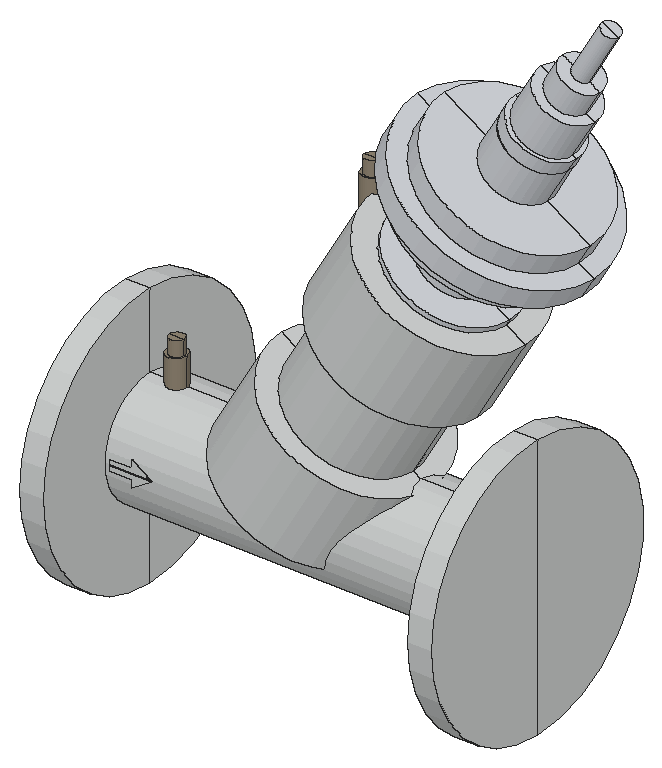
Revit family "PipeAccessories_Valve_Oventrop_Cocon-QFC_DN65-200", category Pipe Accessories, Revit 2014
Parameters (values of type "QFC")
  kv_MaxValueAt_100 kPa [instance] = size_lookup(Lookup Table Name, "Flow", 0, NominalDiameter) * 1.0 L/s  # 36.0 L/s
  URL = "http://oventrop.de/ArticleOverview.aspx?o=65"
  Type Comments = "Flow Flange Cast Iron, 2 Pressure Test points"  # constant formula
  SpindleMidHeight [instance] = 103 mm
  SpindleBottomRadius [instance] = size_lookup(Lookup Table Name, "SR", NominalDiameter, NominalDiameter)  # 47 mm
  SpindleBottomHeight [instance] = size_lookup(Lookup Table Name, "H2", NominalDiameter, NominalDiameter)  # 181 mm
  ProductCode [instance] = if(NominalDiameter = 65 mm, "114 61 51", if(NominalDiameter = 80 mm, "114 61 52", if(NominalDiameter = 100 mm, "114 61 53", if(NominalDiameter = 125 mm, "114 61 54", if(NominalDiameter = 150 mm, "114 61 55", if(NominalDiameter = 200 mm, "114 61 56", "ProductCode NA"))))))  # "114 61 51"
  PressureLoss [instance] = 0.0 Pa
  PlugOffset [instance] = (SpindleBottomHeight * sin(30.65°) - SpindleBottomRadius) - 17 mm  # 28.272 mm
  PlugMaterial = Oventrop_Bronze
  NominalDiameter [instance] = 65 mm
  ModifiedIssue_ANZRS = 20141127.54  # constant formula
  Model = "Cocon Q"  # constant formula
  Min.Flow [instance] = size_lookup(Lookup Table Name, "MinFlow", 0, NominalDiameter) * 1.0 L/s  # 1.389 L/s
  Max.Pressure = "PN 16"  # constant formula
  Max.Flow [instance] = size_lookup(Lookup Table Name, "MaxFlow", 0, NominalDiameter) * 1.0 L/s  # 5.5556 L/s
  Manufacturer = "Oventrop"  # constant formula
  Lookup Table Name = "PipeAccessories_Valve_Oventrop_Cocon-QFC_DN65-200"
  Length [instance] = size_lookup(Lookup Table Name, "L", NominalDiameter, NominalDiameter)  # 290 mm
  Height [instance] = size_lookup(Lookup Table Name, "H1", NominalDiameter, NominalDiameter)  # 370 mm
  HandleMaterial = Oventrop_PTFE
  Flow [instance] = 0.0 L/s
  FlangeThickness [instance] = size_lookup(Lookup Table Name, "FT", NominalDiameter, NominalDiameter)  # 17 mm
  FlangeDiameter [instance] = size_lookup(Lookup Table Name, "FD", NominalDiameter, NominalDiameter)  # 186 mm
  Description = "Pressure independent control valve (PICV). Both ports flanged to DIN EN 1092-2"  # constant formula
  CreatedBy_ANZRS = "A2K Technologies"  # constant formula
  CreatedByURL_ANZRS = "http://www.thinkbimmepaus.com.au"
  ConnectorDescription = "TBC"  # constant formula
  BodyMaterial = Oventrop_NodularCastIron
  BodyDiameter [instance] = size_lookup(Lookup Table Name, "BD", NominalDiameter, NominalDiameter)  # 80 mm
Reference planes
  plane 1 "Center (Front/Back)": y = 0
  plane 2: z = 0
  plane 3 "Center (Left/Right)": x = 0
  plane 4: y = 0
  plane 5: x = -145
  plane 6: x = 145
  plane 7: x = -128
  plane 8: x = 128
  plane 9: z = 93
  plane 10: z = 40
  plane 11: z = -93
  plane 12: z = -40
  plane 13: through (-20.051, -1524, 4.133) normal (-0.8603, 0, 0.5098)
  plane 14: y = 40
  plane 15: y = -40
  plane 16: x = -109
  plane 17: z = 181
  plane 18: x = 28.272
  plane 19: z = 370
  plane 20: z = 284
Forms (mm)
  Revolve 1, solid, material "Oventrop_NodularCastIron" <- "BodyMaterial", detail levels fine
    sketch origin (0, 0, 0) x (-1, 0, 0) y (0, 0, -1)
      loop
        line (145, -93) -> (145, 0) -> (-145, 0) -> (-145, -93) -> (-128, -93) -> (-128, -40) -> (128, -40) -> (128, -93) -> (145, -93)
      axis (145, 0) -> (-145, 0)
    angle from 0 to 360
  Revolve 2, solid, material "Oventrop_NodularCastIron" <- "BodyMaterial", detail levels fine
    sketch origin (0, 0, 0) x (-1, 0, 0) y (0, 0, 1)
      loop
        line (-32.42, 212.019) -> (-84.762, 181) -> (16.652, 9.868) -> (68.995, 40.887) -> (35.19, 97.931) -> (23.281, 90.873) -> (-10.524, 147.917) -> (1.385, 154.975) -> (-32.42, 212.019)
      axis (-84.762, 181) -> (16.652, 9.868)
    angle from 0 to 360
  Extrusion 3, solid, material "Oventrop_NodularCastIron" <- "BodyMaterial", detail levels fine
    sketch origin (-97.197, -28, 0) x (1, 0, 0) y (0, 0, 1)
      loop
        line (-26.803, 3.6) -> (-26.803, -3.6) -> (-11.803, -3.6) -> (-11.803, -8.6) -> (2.709, 0) -> (-11.803, 8.6) -> (-11.803, 3.6) -> (-26.803, 3.6)
    from -68 to 12
  Revolve 4, solid, material "Oventrop_Bronze" <- "PlugMaterial", detail levels fine
    sketch origin (0, 0, 0) x (1, 0, 0) y (0, 0, 1)
      loop
        line (-109, 0) -> (-109, 69) -> (-114.004, 69) -> (-114.004, 59) -> (-116, 59) -> (-116, 0) -> (-109, 0)
      axis (-109, 69) -> (-109, 0)
    angle from 0 to 360
  Revolve 5, solid, material "Oventrop_Bronze" <- "PlugMaterial", detail levels fine
    sketch origin (0, 0, 0) x (1, 0, 0) y (0, 0, 1)
      loop
        line (28.272, 231) -> (23.272, 231) -> (23.272, 221) -> (21.272, 221) -> (21.272, 192.5)
        arc (21.272, 192.5) -> (23.323, 187.55) -> (28.272, 185.5) r 7
        line (28.272, 185.5) -> (28.272, 231)
      axis (28.272, 185.5) -> (28.272, 231)
    angle from 0 to 360
  Revolve 6, solid, detail levels fine
    sketch origin (0, 0, 0) x (1, 0, 0) y (0, 0, 1)
      loop
        line (84.762, 181) -> (123.36, 158.127) -> (125.478, 161.7) -> (108.272, 171.897) -> (128.202, 205.528) -> (158.227, 187.734) -> (166.349, 201.44) -> (176.999, 195.129) -> (185.121, 208.835) -> (174.472, 215.147) -> (182.594, 228.853) -> (152.569, 246.646) -> (167.193, 271.323) -> (145.801, 284) -> (84.762, 181)
      axis (84.762, 181) -> (145.801, 284)
    angle from 0 to 360
  Revolve 7, solid, detail levels fine
    sketch origin (0, 0, 0) x (1, 0, 0) y (0, 0, 1)
      loop
        line (145.801, 284) -> (167.308, 271.255) -> (172.551, 280.102) -> (169.97, 281.631) -> (185.248, 307.412) -> (179.226, 310.98) -> (188.919, 327.338) -> (181.607, 331.671) -> (202.357, 366.686) -> (196.765, 370) -> (145.801, 284)
      axis (145.801, 284) -> (196.765, 370)
    angle from 0 to 360
Lines and regions (mm)
  reference lines
    curve 1: line (0, 0, 0) -> (-129.043, 0, 76.472)
    curve 2: line (84.762, 0, 181) -> (-44.281, 0, 257.472)
    curve 3: line (145.801, 0, 284) -> (16.758, 0, 360.472)
  model lines, detail levels coarse+medium
    curve 4: line (-145, 40, 0) -> (-145, -40, 0)
    curve 5: line (145, 40, 0) -> (145, -40, 0)
    curve 6: line (145, 40, 0) -> (-145, -40, 0)
    curve 7: line (-145, 40, 0) -> (145, -40, 0)
Dimensions and locks
  equal spacing: plane 9, plane 2, plane 11
  equal spacing: plane 10, plane 2, plane 12
  "BodyDiameter": plane 10 to plane 12
  "FlangeThickness": plane 8 to plane 6
  "FlangeThickness": plane 7 to plane 5
  "Length": plane 6 to plane 5
  Extrusion 3 sketch curve to Extrusion 3 sketch curve = 7.2 mm
  equal spacing: plane 15, plane 1 "Center (Front/Back)", plane 14
  "BodyDiameter": plane 15 to plane 14
  "FlangeDiameter": plane 9 to plane 11
  locked: Revolve 2 sketch curve to Revolve 2 sketch curve at 13.843
  "SpindleBottomRadius": Revolve 2 sketch curve to plane 13
  equal spacing: plane 6, plane 3 "Center (Left/Right)", plane 5
  locked: Revolve 4 sketch curve to plane 10 at 29
  locked: plane 16 to Revolve 4 sketch curve at 7
  locked: Revolve 5 sketch curve to Revolve 5 sketch curve at 2
  locked: Revolve 5 sketch curve to Revolve 5 sketch curve at 10
  "SpindleBottomHeight": plane 17 to plane 2
  locked: Revolve 5 sketch curve to plane 17 at 50
  locked: Extrusion 3 sketch curve to plane 16 at 14.512
  plane 16 to plane 7 = 19 mm
  locked: Revolve 4 sketch curve to Revolve 4 sketch curve at 10
  locked: Revolve 4 sketch curve to Revolve 4 sketch curve at 1.996
  locked: Extrusion 3 sketch curve to Extrusion 3 sketch curve at 15
  "Height": plane 19 to plane 2
  "SpindleMidHeight": plane 20 to plane 17
  equal spacing: Revolve 2 sketch curve, Revolve 2 sketch curve, Revolve 2 sketch curve, Revolve 2 sketch curve
  locked: Revolve 6 sketch curve to Revolve 6 sketch curve at 4.154
  Revolve 6 sketch curve to Revolve 6 sketch curve = 12.379 mm
  locked: plane 13 to Revolve 6 sketch curve at 24.866
  locked: plane 13 to Revolve 6 sketch curve at 72.147
  locked: Revolve 6 sketch curve to Revolve 6 sketch curve at 28.685
  equal spacing: Revolve 6 sketch curve, Revolve 6 sketch curve, Revolve 6 sketch curve, Revolve 6 sketch curve, locked at 15.932 each
  locked: Revolve 6 sketch curve to Revolve 6 sketch curve at 76.481
  locked: Revolve 7 sketch curve to Revolve 7 sketch curve at 40.702
  locked: Revolve 7 sketch curve to Revolve 7 sketch curve at 59.715
  locked: Revolve 7 sketch curve to Revolve 7 sketch curve at 10.284
  locked: Revolve 7 sketch curve to plane 13 at 25
  locked: Revolve 7 sketch curve to Revolve 7 sketch curve at 10
  locked: Revolve 7 sketch curve to Revolve 7 sketch curve at 18.5
  locked: Revolve 7 sketch curve to Revolve 7 sketch curve at 3
  locked: Revolve 6 sketch curve to plane 13 at 44.866
  "PlugOffset": plane 18 to plane 3 "Center (Left/Right)"
  equal spacing: curve 4, plane 1 "Center (Front/Back)", curve 4
  "BodyDiameter": curve 4 to curve 4
  equal spacing: curve 5, plane 4, curve 5
  "BodyDiameter": curve 5 to curve 5
  locked: plane 13 to Revolve 6 sketch curve (angle 90.00°)
  locked: Revolve 7 sketch curve to plane 13 (angle 90.00°)  (x2)
  locked: plane 13 to curve 1 (angle 90.00°)
  locked: plane 13 to curve 2 (angle 90.00°)
  locked: plane 13 to curve 3 (angle 90.00°)
  aligned and locked: level to plane 2
  aligned and locked: plane 6 to Revolve 1 sketch curve
  aligned and locked: Revolve 1 sketch curve to plane 8
  aligned and locked: Revolve 1 sketch curve to plane 7
  aligned and locked: plane 5 to Revolve 1 sketch curve
  aligned and locked: Revolve 1 sketch curve to plane 9  (x2)
  aligned and locked: Revolve 1 sketch curve to plane 10
  aligned and locked: plane 13 to Revolve 2 sketch curve
  aligned and locked: Revolve 2 sketch curve to plane 13
  aligned and locked: Revolve 2 sketch curve to curve 1
  aligned and locked: plane 14 to Extrusion 3
  aligned and locked: plane 15 to Extrusion 3
  aligned and locked: Revolve 4 sketch curve to plane 16
  aligned and locked: plane 18 to Revolve 5 sketch curve
  aligned and locked: Revolve 5 sketch curve to plane 18
  aligned and locked: plane 17 to Revolve 2 sketch curve
  aligned and locked: Revolve 6 sketch curve to Revolve 2
  aligned and locked: plane 20 to Revolve 6 sketch curve
  aligned and locked: Revolve 6 sketch curve to plane 13
  aligned and locked: Revolve 6 sketch curve to Revolve 6 sketch curve  (x2)
  aligned and locked: Revolve 7 sketch curve to Revolve 2
  aligned and locked: Revolve 7 sketch curve to plane 13  (x2)
  aligned and locked: plane 19 to Revolve 7 sketch curve
  aligned and locked: plane 20 to Revolve 7 sketch curve
  aligned and locked: Revolve 2 sketch curve to Revolve 2 sketch curve  (x2)
  aligned and locked: plane 13 to curve 2
  aligned and locked: Revolve 6 sketch curve to curve 2
  aligned and locked: plane 13 to curve 3
  aligned and locked: Revolve 6 sketch curve to curve 3
  aligned and locked: Revolve 7 sketch curve to curve 3
  aligned and locked: curve 4 to plane 5
  aligned and locked: plane 6 to curve 5
Automatic sketch dimensions
  Revolve 1 sketch curve to level = 0 mm  (x2)
  Revolve 1 sketch curve to Revolve 1 sketch curve = 6.448 mm  (x2)
  Revolve 4 sketch curve to plane 16 = 0 mm
  Revolve 4 sketch curve to level = 0 mm
  Revolve 4 sketch curve to level = 20 mm
  Revolve 4 sketch curve to plane 10 = 15 mm
  Extrusion 3 sketch curve to level = 0 mm
  level to Extrusion 3 sketch curve = 3.6 mm
  Extrusion 3 sketch curve to level = 3.6 mm
  Extrusion 3 sketch curve to Extrusion 3 sketch curve = 5 mm  (x2)
  Extrusion 3 sketch curve to plane 16 = 0 mm  (x2)
  Revolve 5 sketch curve to plane 17 = 4.5 mm
  Revolve 5 sketch curve to plane 18 = 5 mm
  level to Revolve 5 sketch curve = 5 mm
  Revolve 5 sketch curve to plane 12 = 10 mm
  curve 1 to level = 0 mm
  curve 1 to plane 3 "Center (Left/Right)" = 0 mm
  curve 2 to plane 17 = 0 mm
  curve 3 to plane 20 = 0 mm
  Revolve 6 sketch curve to plane 13 = 0 mm  (x2)
  Revolve 6 sketch curve to plane 10 = 0 mm
  Revolve 7 sketch curve to level = 0 mm
  Revolve 2 sketch curve to plane 17 = 1.059 mm
  Revolve 2 sketch curve to plane 17 = 1.632 mm
Connectors
  piping at (-145, 0, 0), diameter 65, driven by "NominalDiameter", driven by "ConnectorDescription"
    settings: on Revolve 1, index 1, connector inside diameter 609.6 mm, connector length 0 mm, flow factor 0, pipe flow 0.0 L/s, pressure drop 0.0 Pa, fitting loss kfactor 0, connector angle 0.00°, fixture units 0, engagement length 0 mm, angle of deflection 0.00°, flow configuration 1, flow direction 1, fitting loss method 0, system type 29, joint type 0, gender type 0, connector reference index 2, connector utility 0, adjustable connector no, is connector primary yes, connector description "TBC"
  piping at (145, 0, 0), diameter 65, driven by "NominalDiameter", driven by "ConnectorDescription"
    settings: on Revolve 1, index 2, connector inside diameter 609.6 mm, connector length 0 mm, flow factor 0, pipe flow 0.0 L/s, pressure drop 0.0 Pa, fitting loss kfactor 0, connector angle 0.00°, fixture units 0, engagement length 0 mm, angle of deflection 0.00°, flow configuration 1, flow direction 2, fitting loss method 0, system type 29, joint type 0, gender type 0, connector reference index 1, connector utility 0, adjustable connector no, is connector primary no, connector description "TBC"
